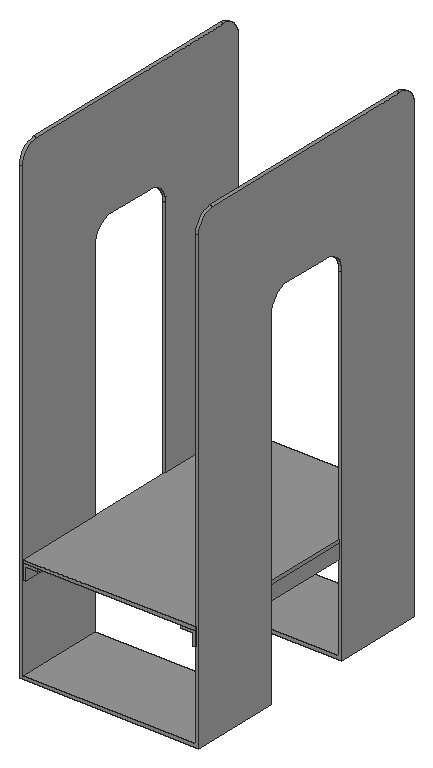
Revit family "Дровница «Фуэго» Арт 19963", category Антураж, Revit 2018
Family settings
  На основе рабочей плоскости = Нет
  Всегда вертикально = Да
  При загрузке вырезать с полостями = Нет
  Источник визуального образа = Геометрия семейства
  Общий = Нет
  Точка расчета площади = Нет
Parameters (values of type "Дровница «Фуэго»")
  Ширина = 450 mm  # constant formula
  Цвет каркаса = Сталь
  Описание = "Дровница «Фуэго»"  # constant formula
  Материал изделия = "Сталь"  # constant formula
  Изображение типоразмера = Дровница «Фуэго» Арт 19963.jpg
  Изготовитель = "ООО «Хоббика»"  # constant formula
  Длина = 300 mm  # constant formula
  Группа модели = "Дровницы и угольницы"  # constant formula
  Высота = 800 mm  # constant formula
  Артикул товара = "Арт. 19963"  # constant formula
  URL = "https://hobbyka.ru/product/drovnitsa_fuego/"
Reference planes
  plane 1 "По центру (Вперед/Назад)": y = 0
  plane 2: z = 0
  plane 3 "По центру (Влево/Вправо)": x = 0
  plane 4: x = 300
  plane 5: y = 450
  plane 6: z = 800
Forms (mm)
  Extrusion 1, solid, material "Сталь" <- "Цвет каркаса"
    sketch origin (0, 0, 0) x (0, 1, 0) y (0, 0, 1)
      loop
        line (420, 800) -> (30, 800)
        arc (30, 800) -> (8.787, 791.213) -> (0, 770) r 30
        line (0, 770) -> (0, 0) -> (150, 0) -> (150, 583.828)
        arc (150, 583.828) -> (160.251, 608.576) -> (185, 618.828) r 35
        line (185, 618.828) -> (265, 618.828)
        arc (265, 618.828) -> (289.749, 608.576) -> (300, 583.828) r 35
        line (300, 583.828) -> (300, 0) -> (450, 0) -> (450, 770)
        arc (450, 770) -> (441.213, 791.213) -> (420, 800) r 30
    from 0 to 5
  Extrusion 2, solid, material "Сталь" <- "Цвет каркаса"
    sketch origin (0, 0, 0) x (0, 1, 0) y (0, 0, 1)
      loop
        line (420, 800) -> (30, 800)
        arc (30, 800) -> (8.787, 791.213) -> (0, 770) r 30
        line (0, 770) -> (0, 0) -> (150, 0) -> (150, 583.828)
        arc (150, 583.828) -> (160.251, 608.576) -> (185, 618.828) r 35
        line (185, 618.828) -> (265, 618.828)
        arc (265, 618.828) -> (289.749, 608.576) -> (300, 583.828) r 35
        line (300, 583.828) -> (300, 0) -> (450, 0) -> (450, 770)
        arc (450, 770) -> (441.213, 791.213) -> (420, 800) r 30
    from 295 to 300
  Extrusion 3, solid, material "Сталь" <- "Цвет каркаса"
    sketch origin (0, 0, 0) x (1, 0, 0) y (0, 1, 0)
      loop
        line (0, 450) -> (0, 300) -> (300, 300) -> (300, 450) -> (0, 450)
      loop
        line (0, 150) -> (0, 0) -> (300, 0) -> (300, 150) -> (0, 150)
    from 0 to 5
  Extrusion 4, solid, material "Сталь" <- "Цвет каркаса"
    sketch origin (0, 0, 0) x (1, 0, 0) y (0, 0, 1)
      loop
        line (5, 175) -> (5, 150) -> (10, 150) -> (10, 170) -> (30, 170) -> (30, 175) -> (5, 175)
      loop
        line (295, 175) -> (270, 175) -> (270, 170) -> (290, 170) -> (290, 150) -> (295, 150) -> (295, 175)
    from 0 to -450
  Extrusion 5, solid, material "Сталь" <- "Цвет каркаса"
    sketch origin (0, 0, 0) x (1, 0, 0) y (0, 0, 1)
      loop
        line (5, 175) -> (295, 175) -> (295, 180) -> (5, 180) -> (5, 175)
    from 0 to -450
Cuts and joins
  joined: Extrusion 1, Extrusion 2, Extrusion 3
Dimensions and locks
  "Длина": plane 3 "По центру (Влево/Вправо)" to plane 4
  "Ширина": plane 5 to plane 1 "По центру (Вперед/Назад)"
  "Высота": plane 6 to plane 2
  aligned and locked: level to plane 2
Automatic sketch dimensions
  Extrusion 1 sketch curve to level = 0 mm  (x2)
  Extrusion 1 sketch curve to plane 1 "По центру (Вперед/Назад)" = 0 mm
  Extrusion 1 sketch curve to plane 6 = 0 mm
  Extrusion 1 sketch curve to plane 5 = 0 mm
  Extrusion 1 sketch curve to plane 1 "По центру (Вперед/Назад)" = 30 mm
  Extrusion 1 sketch curve to plane 1 "По центру (Вперед/Назад)" = 150 mm
  Extrusion 1 sketch curve to Extrusion 1 sketch curve = 35 mm
  Extrusion 1 sketch curve to Extrusion 1 sketch curve = 80 mm
  Extrusion 1 sketch curve to plane 5 = 150 mm
  Extrusion 1 sketch curve to Extrusion 1 sketch curve = 30 mm
  Extrusion 1 sketch curve to plane 6 = 216.172 mm
  Extrusion 2 sketch curve to level = 0 mm  (x2)
  Extrusion 2 sketch curve to plane 1 "По центру (Вперед/Назад)" = 0 mm
  Extrusion 2 sketch curve to plane 6 = 0 mm
  Extrusion 2 sketch curve to plane 5 = 0 mm
  Extrusion 2 sketch curve to plane 1 "По центру (Вперед/Назад)" = 30 mm
  Extrusion 2 sketch curve to plane 1 "По центру (Вперед/Назад)" = 150 mm
  Extrusion 2 sketch curve to Extrusion 2 sketch curve = 35 mm
  Extrusion 2 sketch curve to Extrusion 2 sketch curve = 80 mm
  Extrusion 2 sketch curve to plane 5 = 150 mm
  Extrusion 2 sketch curve to Extrusion 2 sketch curve = 30 mm
  Extrusion 2 sketch curve to plane 6 = 216.172 mm
  Extrusion 3 sketch curve to plane 3 "По центру (Влево/Вправо)" = 0 mm  (x2)
  plane 1 "По центру (Вперед/Назад)" to Extrusion 3 sketch curve = 0 mm
  Extrusion 3 sketch curve to plane 4 = 0 mm  (x2)
  Extrusion 3 sketch curve to plane 5 = 0 mm
  Extrusion 3 sketch curve to plane 1 "По центру (Вперед/Назад)" = 150 mm
  Extrusion 3 sketch curve to Extrusion 3 sketch curve = 150 mm
  plane 3 "По центру (Влево/Вправо)" to Extrusion 4 sketch curve = 5 mm
  Extrusion 4 sketch curve to Extrusion 4 sketch curve = 5 mm  (x3)
  Extrusion 4 sketch curve to Extrusion 4 sketch curve = 20 mm  (x3)
  Extrusion 4 sketch curve to plane 4 = 30 mm
  Extrusion 4 sketch curve to plane 4 = 10 mm
  Extrusion 4 sketch curve to plane 4 = 5 mm
  level to Extrusion 4 sketch curve = 150 mm  (x2)
  plane 3 "По центру (Влево/Вправо)" to Extrusion 5 sketch curve = 5 mm
  Extrusion 5 sketch curve to plane 4 = 5 mm
  level to Extrusion 5 sketch curve = 175 mm
  Extrusion 5 sketch curve to Extrusion 5 sketch curve = 5 mm
